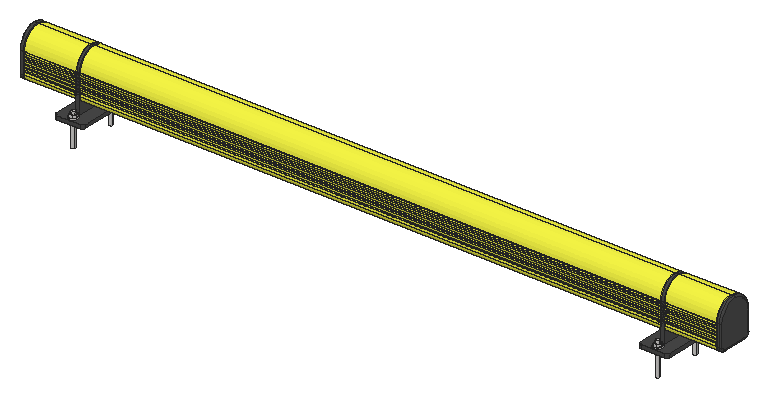
Revit family "Safety & Protection_Barrier_UltiGroup_Guard Rail-GRIN 150", category Generic Models, Revit 2016
Family settings
  Part Type = Normal
  Can host rebar = No
  Round Connector Dimension = Use Diameter
  OmniClass Number = 23.40.70.17
  OmniClass Title = Industrial and Manufacturing Equipment and Furnishings
  Work Plane-Based = No
  Always vertical = Yes
  Cut with Voids When Loaded = No
  Shared = No
  Room Calculation Point = No
Parameters (values of type "Type 1")
  URL = "www.ultigroup.co.nz"
  Toll Free Phone = "0800 807 753"
  Support 2 = yes
  Support 1 = yes
  StyleOrType_ANZRS = ""
  Send Message = "http://ultigroup.co.nz/contact-ulti-group/"
  Section Length = 1988 mm
  SS Bolts = SS Bolts
  Phone = "07 974 4691"
  PVC Yellow = PVC Yellow
  PVC Black = PVC Black
  ModifiedIssue_ANZRS = 0
  Model = "Wall Protection Barrier - GRIN 150"
  Metal Black = Metal Black
  Manufacturer = "UltiGroup"
  InstallationGroup_ANZRS = 0
  FireRating_ANZRS = ""
  FilterObject_ANZRS = ""
  Fax = "07 846 2467"
  Extension End 2 = yes
  Extension End 1 = yes
  End Extension - 15mm end cap = 185 mm
  Description = "Impactable PVC Wall Protection Barrier"
  CreatedBy_ANZRS = "UltiGroup"
  CreatedByURL_ANZRS = "www.ultigroup.co.nz"
  CreatedByPhoneNo_ANZRS = "07 974 4691"
  Bolt hole depth = 80 mm
  Base Plate Thickness = 12 mm
  Address = "17 McKee Street, Te Rapa, Hamilton, 3200, New Zealand"
  AcousticRating_ANZRS = ""
Reference planes
  plane 1 "Center (Front/Back)": y = 0
  plane 2: z = 0
  plane 3 "Center (Left/Right)": x = 0
  plane 4: x = 2000
  plane 5: z = 199.968
  plane 6: z = 49.968
  plane 7: x = 6
  plane 8: x = 1994
  plane 9: y = 60
  plane 10: y = -60
  plane 11: z = 12
  plane 12: x = 50
  plane 13: x = -50
  plane 14: x = 1950
  plane 15: x = 2050
  plane 16: y = 100
  plane 17: y = -100
  plane 18: x = -200
  plane 19: x = 2200
  plane 20: x = -185
  plane 21: x = 2185
  plane 22: z = -80
Forms (mm)
  Extrusion 1, solid, material "PVC Yellow" <- "PVC Yellow"
    sketch origin (1994, 2000, 1200) x (0, 1, 0) y (0, 0, 1)
      loop
        arc (-2060, -1133.032) -> (-2055.021, -1145.053) -> (-2043, -1150.032) r 17
        line (-2043, -1150.032) -> (-1957, -1150.032)
        arc (-1957, -1150.032) -> (-1944.979, -1145.053) -> (-1940, -1133.032) r 17
        line (-1940, -1133.032) -> (-1940, -1123.113)
        arc (-1940, -1123.113) -> (-1940.087, -1122.593) -> (-1940.292, -1122.092) r 2.362
        arc (-1940.292, -1122.092) -> (-1940.839, -1119.667) -> (-1940.149, -1117.278) r 5
        arc (-1940.149, -1117.278) -> (-1939.173, -1114.56) -> (-1939.864, -1111.755) r 5
        arc (-1939.864, -1111.755) -> (-1940.834, -1109.045) -> (-1940.149, -1106.249) r 5
        arc (-1940.149, -1106.249) -> (-1939.173, -1103.53) -> (-1939.864, -1100.725) r 5
        arc (-1939.864, -1100.725) -> (-1940.834, -1098.015) -> (-1940.149, -1095.219) r 5
        arc (-1940.149, -1095.219) -> (-1939.173, -1092.501) -> (-1939.864, -1089.696) r 5
        arc (-1939.864, -1089.696) -> (-1940.834, -1086.986) -> (-1940.149, -1084.19) r 5
        arc (-1940.149, -1084.19) -> (-1939.173, -1081.47) -> (-1939.864, -1078.665) r 5
        arc (-1939.864, -1078.665) -> (-1940.836, -1075.954) -> (-1940.15, -1073.157) r 5
        arc (-1940.15, -1073.157) -> (-1939.173, -1070.437) -> (-1939.864, -1067.631) r 5
        arc (-1939.864, -1067.631) -> (-1940.817, -1065.161) -> (-1940.375, -1062.551) r 5
        arc (-1940.375, -1062.551) -> (-1940.132, -1061.751) -> (-1940, -1060.925) r 6.16
        line (-1940, -1060.925) -> (-1940, -1060.032)
        arc (-1940, -1060.032) -> (-1957.574, -1017.606) -> (-2000, -1000.032) r 60
        arc (-2000, -1000.032) -> (-2042.426, -1017.606) -> (-2060, -1060.032) r 60
        line (-2060, -1060.032) -> (-2060, -1060.925)
        arc (-2060, -1060.925) -> (-2059.868, -1061.751) -> (-2059.625, -1062.551) r 6.16
        arc (-2059.625, -1062.551) -> (-2059.183, -1065.161) -> (-2060.136, -1067.631) r 5
        arc (-2060.136, -1067.631) -> (-2060.827, -1070.437) -> (-2059.85, -1073.157) r 5
        arc (-2059.85, -1073.157) -> (-2059.164, -1075.954) -> (-2060.136, -1078.665) r 5
        arc (-2060.136, -1078.665) -> (-2060.827, -1081.47) -> (-2059.851, -1084.19) r 5
        arc (-2059.851, -1084.19) -> (-2059.166, -1086.986) -> (-2060.136, -1089.696) r 5
        arc (-2060.136, -1089.696) -> (-2060.827, -1092.501) -> (-2059.851, -1095.219) r 5
        arc (-2059.851, -1095.219) -> (-2059.166, -1098.015) -> (-2060.136, -1100.725) r 5
        arc (-2060.136, -1100.725) -> (-2060.827, -1103.53) -> (-2059.851, -1106.249) r 5
        arc (-2059.851, -1106.249) -> (-2059.166, -1109.045) -> (-2060.136, -1111.755) r 5
        arc (-2060.136, -1111.755) -> (-2060.827, -1114.56) -> (-2059.851, -1117.278) r 5
        arc (-2059.851, -1117.278) -> (-2059.161, -1119.667) -> (-2059.713, -1122.106) r 5
        arc (-2059.713, -1122.106) -> (-2059.913, -1122.593) -> (-2060, -1123.113) r 2.362
        line (-2060, -1123.113) -> (-2060, -1133.032)
      loop
        line (-2031, -1133.032) -> (-1969, -1133.032)
        arc (-1969, -1133.032) -> (-1960.515, -1129.517) -> (-1957, -1121.032) r 12
        line (-1957, -1121.032) -> (-1957, -1060.032)
        arc (-1957, -1060.032) -> (-1969.594, -1029.627) -> (-2000, -1017.032) r 43
        arc (-2000, -1017.032) -> (-2030.406, -1029.627) -> (-2043, -1060.032) r 43
        line (-2043, -1060.032) -> (-2043, -1121.032)
        arc (-2043, -1121.032) -> (-2039.485, -1129.517) -> (-2031, -1133.032) r 12
    from 0 to -1988
  Extrusion 2, solid, material "Metal Black", visible <- "Support 2"
    sketch origin (2000, 2000, 1200) x (0, 1, 0) y (0, 0, 1)
      loop
        line (-2043, -1060.032) -> (-2043, -1121.032)
        arc (-2043, -1121.032) -> (-2039.485, -1129.517) -> (-2031, -1133.032) r 12
        line (-2031, -1133.032) -> (-1969, -1133.032)
        arc (-1969, -1133.032) -> (-1960.515, -1129.517) -> (-1957, -1121.032) r 12
        line (-1957, -1121.032) -> (-1957, -1060.032)
        arc (-1957, -1060.032) -> (-1969.594, -1029.627) -> (-2000, -1017.032) r 43
        arc (-2000, -1017.032) -> (-2030.406, -1029.627) -> (-2043, -1060.032) r 43
      loop
        arc (-2000, -1000.032) -> (-2042.426, -1017.606) -> (-2060, -1060.032) r 60
        line (-2060, -1060.032) -> (-2060, -1060.925)
        arc (-2060, -1060.925) -> (-2059.868, -1061.751) -> (-2059.625, -1062.551) r 6.16
        arc (-2059.625, -1062.551) -> (-2059.183, -1065.161) -> (-2060.136, -1067.631) r 5
        arc (-2060.136, -1067.631) -> (-2060.827, -1070.437) -> (-2059.85, -1073.157) r 5
        arc (-2059.85, -1073.157) -> (-2059.164, -1075.954) -> (-2060.135, -1078.665) r 5
        arc (-2060.135, -1078.665) -> (-2060.827, -1081.47) -> (-2059.851, -1084.19) r 5
        arc (-2059.851, -1084.19) -> (-2059.166, -1086.986) -> (-2060.136, -1089.696) r 5
        arc (-2060.136, -1089.696) -> (-2060.827, -1092.501) -> (-2059.85, -1095.219) r 5
        arc (-2059.85, -1095.219) -> (-2059.166, -1098.015) -> (-2060.136, -1100.725) r 5
        arc (-2060.136, -1100.725) -> (-2060.826, -1103.53) -> (-2059.85, -1106.249) r 5
        arc (-2059.85, -1106.249) -> (-2059.166, -1109.045) -> (-2060.136, -1111.755) r 5
        arc (-2060.136, -1111.755) -> (-2060.826, -1114.56) -> (-2059.85, -1117.278) r 5
        arc (-2059.85, -1117.278) -> (-2059.16, -1119.675) -> (-2059.714, -1122.106) r 5.001
        arc (-2059.714, -1122.106) -> (-2059.913, -1122.593) -> (-2060, -1123.113) r 2.362
        line (-2060, -1123.113) -> (-2060, -1188) -> (-1939.999, -1188) -> (-1939.999, -1123.113)
        arc (-1939.999, -1123.113) -> (-1940.088, -1122.586) -> (-1940.293, -1122.093) r 2.362
        arc (-1940.293, -1122.093) -> (-1940.84, -1119.667) -> (-1940.15, -1117.278) r 5.001
        arc (-1940.15, -1117.278) -> (-1939.174, -1114.56) -> (-1939.864, -1111.755) r 5
        arc (-1939.864, -1111.755) -> (-1940.835, -1109.045) -> (-1940.15, -1106.249) r 5
        arc (-1940.15, -1106.249) -> (-1939.174, -1103.53) -> (-1939.864, -1100.725) r 5
        arc (-1939.864, -1100.725) -> (-1940.834, -1098.015) -> (-1940.15, -1095.219) r 5
        arc (-1940.15, -1095.219) -> (-1939.173, -1092.501) -> (-1939.864, -1089.696) r 5
        arc (-1939.864, -1089.696) -> (-1940.834, -1086.986) -> (-1940.149, -1084.19) r 5
        arc (-1940.149, -1084.19) -> (-1939.173, -1081.47) -> (-1939.865, -1078.665) r 5
        arc (-1939.865, -1078.665) -> (-1940.836, -1075.954) -> (-1940.15, -1073.157) r 5
        arc (-1940.15, -1073.157) -> (-1939.173, -1070.437) -> (-1939.864, -1067.631) r 5
        arc (-1939.864, -1067.631) -> (-1940.817, -1065.161) -> (-1940.376, -1062.551) r 5
        arc (-1940.376, -1062.551) -> (-1940.132, -1061.751) -> (-1940, -1060.925) r 6.16
        line (-1940, -1060.925) -> (-1940, -1060.032)
        arc (-1940, -1060.032) -> (-1957.574, -1017.606) -> (-2000, -1000.032) r 60
    from -6 to 6
  Extrusion 3, solid, material "Metal Black" <- "Metal Black", visible <- "Support 1"
    sketch origin (0, 0, 0) x (0, 1, 0) y (0, 0, 1)
      loop
        arc (31, 66.968) -> (39.485, 70.483) -> (43, 78.968) r 12
        line (43, 78.968) -> (43, 139.968)
        arc (43, 139.968) -> (30.406, 170.373) -> (0, 182.968) r 43
        arc (0, 182.968) -> (-30.406, 170.373) -> (-43, 139.968) r 43
        line (-43, 139.968) -> (-43, 78.968)
        arc (-43, 78.968) -> (-39.485, 70.483) -> (-31, 66.968) r 12
        line (-31, 66.968) -> (31, 66.968)
      loop
        arc (60, 139.968) -> (42.426, 182.394) -> (0, 199.968) r 60
        arc (0, 199.968) -> (-42.426, 182.394) -> (-60, 139.968) r 60
        line (-60, 139.968) -> (-60, 139.075)
        arc (-60, 139.075) -> (-59.868, 138.249) -> (-59.625, 137.449) r 6.16
        arc (-59.625, 137.449) -> (-59.183, 134.839) -> (-60.136, 132.369) r 5
        arc (-60.136, 132.369) -> (-60.827, 129.563) -> (-59.85, 126.843) r 5
        arc (-59.85, 126.843) -> (-59.164, 124.046) -> (-60.135, 121.335) r 5
        arc (-60.135, 121.335) -> (-60.827, 118.53) -> (-59.851, 115.81) r 5
        arc (-59.851, 115.81) -> (-59.166, 113.014) -> (-60.136, 110.304) r 5
        arc (-60.136, 110.304) -> (-60.827, 107.499) -> (-59.85, 104.781) r 5
        arc (-59.85, 104.781) -> (-59.166, 101.985) -> (-60.136, 99.275) r 5
        arc (-60.136, 99.275) -> (-60.826, 96.47) -> (-59.85, 93.751) r 5
        arc (-59.85, 93.751) -> (-59.166, 90.955) -> (-60.136, 88.245) r 5
        arc (-60.136, 88.245) -> (-60.826, 85.44) -> (-59.85, 82.722) r 5
        arc (-59.85, 82.722) -> (-59.16, 80.325) -> (-59.714, 77.894) r 5.001
        arc (-59.714, 77.894) -> (-59.913, 77.407) -> (-60, 76.887) r 2.362
        line (-60, 76.887) -> (-60, 12) -> (60.001, 12) -> (60.001, 76.887)
        arc (60.001, 76.887) -> (59.912, 77.414) -> (59.707, 77.907) r 2.362
        arc (59.707, 77.907) -> (59.16, 80.333) -> (59.85, 82.722) r 5.001
        arc (59.85, 82.722) -> (60.826, 85.44) -> (60.136, 88.245) r 5
        arc (60.136, 88.245) -> (59.165, 90.955) -> (59.85, 93.751) r 5
        arc (59.85, 93.751) -> (60.826, 96.47) -> (60.136, 99.275) r 5
        arc (60.136, 99.275) -> (59.166, 101.985) -> (59.85, 104.781) r 5
        arc (59.85, 104.781) -> (60.827, 107.499) -> (60.136, 110.304) r 5
        arc (60.136, 110.304) -> (59.166, 113.014) -> (59.851, 115.81) r 5
        arc (59.851, 115.81) -> (60.827, 118.53) -> (60.135, 121.335) r 5
        arc (60.135, 121.335) -> (59.164, 124.046) -> (59.85, 126.843) r 5
        arc (59.85, 126.843) -> (60.827, 129.563) -> (60.136, 132.369) r 5
        arc (60.136, 132.369) -> (59.183, 134.839) -> (59.624, 137.449) r 5
        arc (59.624, 137.449) -> (59.868, 138.249) -> (60, 139.075) r 6.16
        line (60, 139.075) -> (60, 139.968)
    from -6 to 6
  Extrusion 4, void
    sketch origin (-3949.211, -1524, 199.968) x (0, -1, 0) y (-1, 0, 0)
      loop
        circle (-1524, -5949.211) r 4
    from -3 to 20
  Extrusion 5, void
    sketch origin (-3949.211, -1524, 199.968) x (0, -1, 0) y (-1, 0, 0)
      loop
        circle (-1524, -3949.211) r 4
    from -3 to 20
  Extrusion 6, solid, material "Metal Black" <- "Metal Black", visible <- "Support 1"
    sketch origin (0, 0, 0) x (1, 0, 0) y (0, 1, 0)
      loop
        line (-50, 90) -> (-50, -90)
        arc (-50, -90) -> (-47.071, -97.071) -> (-40, -100) r 10
        line (-40, -100) -> (40, -100)
        arc (40, -100) -> (47.071, -97.071) -> (50, -90) r 10
        line (50, -90) -> (50, 90)
        arc (50, 90) -> (47.071, 97.071) -> (40, 100) r 10
        line (40, 100) -> (-40, 100)
        arc (-40, 100) -> (-47.071, 97.071) -> (-50, 90) r 10
      loop
        circle (0, 80) r 6
      loop
        circle (0, -80) r 6
    from 0 to 12
  Extrusion 7, solid, material "Metal Black", visible <- "Support 2"
    sketch origin (0, 0, 0) x (1, 0, 0) y (0, 1, 0)
      loop
        line (2050, -90) -> (2050, 90)
        arc (2050, 90) -> (2047.071, 97.071) -> (2040, 100) r 10
        line (2040, 100) -> (1960, 100)
        arc (1960, 100) -> (1952.929, 97.071) -> (1950, 90) r 10
        line (1950, 90) -> (1950, -90)
        arc (1950, -90) -> (1952.929, -97.071) -> (1960, -100) r 10
        line (1960, -100) -> (2040, -100)
        arc (2040, -100) -> (2047.071, -97.071) -> (2050, -90) r 10
      loop
        circle (2000, -80) r 6
      loop
        circle (2000, 80) r 6
    from 0 to 12
  Extrusion 8, solid, material "PVC Yellow" <- "PVC Yellow", visible <- "Extension End 2"
    sketch origin (2000, 2000, 1200) x (0, 1, 0) y (0, 0, 1)
      loop
        line (-2043, -1150.032) -> (-1957, -1150.032)
        arc (-1957, -1150.032) -> (-1944.979, -1145.053) -> (-1940, -1133.032) r 17
        line (-1940, -1133.032) -> (-1940, -1123.102)
        arc (-1940, -1123.102) -> (-1940.09, -1122.581) -> (-1940.293, -1122.093) r 2.362
        arc (-1940.293, -1122.093) -> (-1940.84, -1119.667) -> (-1940.15, -1117.278) r 5.001
        arc (-1940.15, -1117.278) -> (-1939.174, -1114.56) -> (-1939.864, -1111.755) r 5
        arc (-1939.864, -1111.755) -> (-1940.835, -1109.045) -> (-1940.15, -1106.249) r 5
        arc (-1940.15, -1106.249) -> (-1939.174, -1103.53) -> (-1939.864, -1100.725) r 5
        arc (-1939.864, -1100.725) -> (-1940.834, -1098.015) -> (-1940.15, -1095.219) r 5
        arc (-1940.15, -1095.219) -> (-1939.173, -1092.501) -> (-1939.864, -1089.696) r 5
        arc (-1939.864, -1089.696) -> (-1940.834, -1086.986) -> (-1940.149, -1084.19) r 5
        arc (-1940.149, -1084.19) -> (-1939.173, -1081.47) -> (-1939.865, -1078.665) r 5
        arc (-1939.865, -1078.665) -> (-1940.836, -1075.954) -> (-1940.15, -1073.157) r 5
        arc (-1940.15, -1073.157) -> (-1939.173, -1070.437) -> (-1939.864, -1067.631) r 5
        arc (-1939.864, -1067.631) -> (-1940.817, -1065.161) -> (-1940.376, -1062.551) r 5
        arc (-1940.376, -1062.551) -> (-1940.132, -1061.751) -> (-1940, -1060.925) r 6.16
        line (-1940, -1060.925) -> (-1940, -1060.032)
        arc (-1940, -1060.032) -> (-1957.574, -1017.606) -> (-2000, -1000.032) r 60
        arc (-2000, -1000.032) -> (-2042.426, -1017.606) -> (-2060, -1060.032) r 60
        line (-2060, -1060.032) -> (-2060, -1060.925)
        arc (-2060, -1060.925) -> (-2059.868, -1061.751) -> (-2059.625, -1062.551) r 6.16
        arc (-2059.625, -1062.551) -> (-2059.183, -1065.161) -> (-2060.136, -1067.631) r 5
        arc (-2060.136, -1067.631) -> (-2060.827, -1070.437) -> (-2059.85, -1073.157) r 5
        arc (-2059.85, -1073.157) -> (-2059.164, -1075.954) -> (-2060.135, -1078.665) r 5
        arc (-2060.135, -1078.665) -> (-2060.827, -1081.47) -> (-2059.851, -1084.19) r 5
        arc (-2059.851, -1084.19) -> (-2059.166, -1086.986) -> (-2060.136, -1089.696) r 5
        arc (-2060.136, -1089.696) -> (-2060.827, -1092.501) -> (-2059.85, -1095.219) r 5
        arc (-2059.85, -1095.219) -> (-2059.166, -1098.015) -> (-2060.136, -1100.725) r 5
        arc (-2060.136, -1100.725) -> (-2060.826, -1103.53) -> (-2059.85, -1106.249) r 5
        arc (-2059.85, -1106.249) -> (-2059.166, -1109.045) -> (-2060.136, -1111.755) r 5
        arc (-2060.136, -1111.755) -> (-2060.826, -1114.56) -> (-2059.85, -1117.278) r 5
        arc (-2059.85, -1117.278) -> (-2059.16, -1119.675) -> (-2059.714, -1122.106) r 5.001
        arc (-2059.714, -1122.106) -> (-2059.912, -1122.589) -> (-2060, -1123.104) r 2.362
        line (-2060, -1123.104) -> (-2060, -1133.032)
        arc (-2060, -1133.032) -> (-2055.021, -1145.053) -> (-2043, -1150.032) r 17
      loop
        arc (-1969, -1133.032) -> (-1960.515, -1129.517) -> (-1957, -1121.032) r 12
        line (-1957, -1121.032) -> (-1957, -1060.032)
        arc (-1957, -1060.032) -> (-1969.594, -1029.627) -> (-2000, -1017.032) r 43
        arc (-2000, -1017.032) -> (-2030.406, -1029.627) -> (-2043, -1060.032) r 43
        line (-2043, -1060.032) -> (-2043, -1121.032)
        arc (-2043, -1121.032) -> (-2039.485, -1129.517) -> (-2031, -1133.032) r 12
        line (-2031, -1133.032) -> (-1969, -1133.032)
    from 6 to 185
  Extrusion 9, solid, material "PVC Yellow" <- "PVC Yellow", visible <- "Extension End 1"
    sketch origin (0, 0, 0) x (0, 1, 0) y (0, 0, 1)
      loop
        arc (43, 49.968) -> (55.021, 54.947) -> (60, 66.968) r 17
        line (60, 66.968) -> (60, 76.898)
        arc (60, 76.898) -> (59.91, 77.419) -> (59.707, 77.907) r 2.362
        arc (59.707, 77.907) -> (59.16, 80.333) -> (59.85, 82.722) r 5.001
        arc (59.85, 82.722) -> (60.826, 85.44) -> (60.136, 88.245) r 5
        arc (60.136, 88.245) -> (59.165, 90.955) -> (59.85, 93.751) r 5
        arc (59.85, 93.751) -> (60.826, 96.47) -> (60.136, 99.275) r 5
        arc (60.136, 99.275) -> (59.166, 101.985) -> (59.85, 104.781) r 5
        arc (59.85, 104.781) -> (60.827, 107.499) -> (60.136, 110.304) r 5
        arc (60.136, 110.304) -> (59.166, 113.014) -> (59.851, 115.81) r 5
        arc (59.851, 115.81) -> (60.827, 118.53) -> (60.135, 121.335) r 5
        arc (60.135, 121.335) -> (59.164, 124.046) -> (59.85, 126.843) r 5
        arc (59.85, 126.843) -> (60.827, 129.563) -> (60.136, 132.369) r 5
        arc (60.136, 132.369) -> (59.183, 134.839) -> (59.624, 137.449) r 5
        arc (59.624, 137.449) -> (59.868, 138.249) -> (60, 139.075) r 6.16
        line (60, 139.075) -> (60, 139.968)
        arc (60, 139.968) -> (42.426, 182.394) -> (0, 199.968) r 60
        arc (0, 199.968) -> (-42.426, 182.394) -> (-60, 139.968) r 60
        line (-60, 139.968) -> (-60, 139.075)
        arc (-60, 139.075) -> (-59.868, 138.249) -> (-59.625, 137.449) r 6.16
        arc (-59.625, 137.449) -> (-59.183, 134.839) -> (-60.136, 132.369) r 5
        arc (-60.136, 132.369) -> (-60.827, 129.563) -> (-59.85, 126.843) r 5
        arc (-59.85, 126.843) -> (-59.164, 124.046) -> (-60.135, 121.335) r 5
        arc (-60.135, 121.335) -> (-60.827, 118.53) -> (-59.851, 115.81) r 5
        arc (-59.851, 115.81) -> (-59.166, 113.014) -> (-60.136, 110.304) r 5
        arc (-60.136, 110.304) -> (-60.827, 107.499) -> (-59.85, 104.781) r 5
        arc (-59.85, 104.781) -> (-59.166, 101.985) -> (-60.136, 99.275) r 5
        arc (-60.136, 99.275) -> (-60.826, 96.47) -> (-59.85, 93.751) r 5
        arc (-59.85, 93.751) -> (-59.166, 90.955) -> (-60.136, 88.245) r 5
        arc (-60.136, 88.245) -> (-60.826, 85.44) -> (-59.85, 82.722) r 5
        arc (-59.85, 82.722) -> (-59.16, 80.325) -> (-59.714, 77.894) r 5.001
        arc (-59.714, 77.894) -> (-59.912, 77.411) -> (-60, 76.896) r 2.362
        line (-60, 76.896) -> (-60, 66.968)
        arc (-60, 66.968) -> (-55.021, 54.947) -> (-43, 49.968) r 17
        line (-43, 49.968) -> (43, 49.968)
      loop
        line (-43, 139.968) -> (-43, 78.968)
        arc (-43, 78.968) -> (-39.485, 70.483) -> (-31, 66.968) r 12
        line (-31, 66.968) -> (31, 66.968)
        arc (31, 66.968) -> (39.485, 70.483) -> (43, 78.968) r 12
        line (43, 78.968) -> (43, 139.968)
        arc (43, 139.968) -> (30.406, 170.373) -> (0, 182.968) r 43
        arc (0, 182.968) -> (-30.406, 170.373) -> (-43, 139.968) r 43
    from -185 to -6
  Sweep 10, solid, material "PVC Black" <- "PVC Black", visible <- "Extension End 1"
    path in 3D
      loop
        arc (-185, 60, 66.968) -> (-185, 55.021, 54.947) -> (-185, 43, 49.968) r 17
        line (-185, 43, 49.968) -> (-185, -43, 49.968)
        arc (-185, -43, 49.968) -> (-185, -55.021, 54.947) -> (-185, -60, 66.968) r 17
        line (-185, -60, 66.968) -> (-185, -60, 139.968)
        arc (-185, -60, 139.968) -> (-185, -42.426, 182.394) -> (-185, 0, 199.968) r 60
        arc (-185, 0, 199.968) -> (-185, 42.426, 182.394) -> (-185, 60, 139.968) r 60
        line (-185, 60, 139.968) -> (-185, 60, 66.968)
    profile origin (-185, 60, 103.468) x (-1, 0, 0) y (0, -1, 0)
      loop
        line (0, 5) -> (0, 0) -> (10, 0)
        arc (10, 0) -> (13.536, 1.464) -> (15, 5) r 5
        line (15, 5) -> (0, 5)
  Extrusion 11, solid, material "PVC Black" <- "PVC Black", visible <- "Extension End 1"
    sketch origin (-185, -1524, 1067.879) x (0, 0, 1) y (0, -1, 0)
      loop
        arc (-927.911, -1579) -> (-889.021, -1562.891) -> (-872.911, -1524) r 55
        arc (-872.911, -1524) -> (-889.021, -1485.109) -> (-927.911, -1469) r 55
        line (-927.911, -1469) -> (-1000.911, -1469)
        arc (-1000.911, -1469) -> (-1009.397, -1472.515) -> (-1012.911, -1481) r 12
        line (-1012.911, -1481) -> (-1012.911, -1567)
        arc (-1012.911, -1567) -> (-1009.397, -1575.485) -> (-1000.911, -1579) r 12
        line (-1000.911, -1579) -> (-927.911, -1579)
    from -15 to 0
  Sweep 12, solid, material "PVC Black" <- "PVC Black", visible <- "Extension End 2"
    path in 3D
      loop
        arc (2185, -60, 66.968) -> (2185, -55.021, 54.947) -> (2185, -43, 49.968) r 17
        line (2185, -43, 49.968) -> (2185, 43, 49.968)
        arc (2185, 43, 49.968) -> (2185, 55.021, 54.947) -> (2185, 60, 66.968) r 17
        line (2185, 60, 66.968) -> (2185, 60, 139.968)
        arc (2185, 60, 139.968) -> (2185, 42.426, 182.394) -> (2185, 0, 199.968) r 60
        arc (2185, 0, 199.968) -> (2185, -42.426, 182.394) -> (2185, -60, 139.968) r 60
        line (2185, -60, 139.968) -> (2185, -60, 66.968)
    profile origin (2185, -60, 103.468) x (1, 0, 0) y (0, 1, 0)
      loop
        arc (10, 0) -> (13.536, 1.464) -> (15, 5) r 5
        line (15, 5) -> (0, 5) -> (0, 0) -> (10, 0)
  Extrusion 13, solid, material "PVC Black" <- "PVC Black", visible <- "Extension End 2"
    sketch origin (2185, -1524, 1067.879) x (0, 0, 1) y (0, -1, 0)
      loop
        line (-1000.911, -1579) -> (-927.911, -1579)
        arc (-927.911, -1579) -> (-889.021, -1562.891) -> (-872.911, -1524) r 55
        arc (-872.911, -1524) -> (-889.021, -1485.109) -> (-927.911, -1469) r 55
        line (-927.911, -1469) -> (-1000.911, -1469)
        arc (-1000.911, -1469) -> (-1009.397, -1472.515) -> (-1012.911, -1481) r 12
        line (-1012.911, -1481) -> (-1012.911, -1567)
        arc (-1012.911, -1567) -> (-1009.397, -1575.485) -> (-1000.911, -1579) r 12
    from 0 to 15
  Extrusion 14, solid, material "SS Bolts" <- "SS Bolts", visible <- "Support 1"
    sketch origin (4267.2, -3619.493, 12) x (0, -1, 0) y (1, 0, 0)
      loop
        circle (-3699.493, -4267.2) r 6
      loop
        circle (-3539.493, -4267.2) r 6
    from -92 to 20
  Extrusion 15, solid, material "SS Bolts" <- "SS Bolts", visible <- "Support 1"
    sketch origin (4267.2, -3619.493, 12) x (0, -1, 0) y (1, 0, 0)
      loop
        circle (-3539.493, -4267.2) r 15
      loop
        circle (-3539.493, -4267.2) r 6
      loop
        circle (-3699.493, -4267.2) r 15
      loop
        circle (-3699.493, -4267.2) r 6
    from 0 to 2
  Extrusion 16, solid, material "SS Bolts" <- "SS Bolts", visible <- "Support 1"
    sketch origin (4267.2, -3619.493, 12) x (0, -1, 0) y (1, 0, 0)
      loop
        circle (-3699.493, -4267.2) r 6
      loop
        circle (-3539.493, -4267.2) r 6
      loop
        line (-3539.493, -4255.2) -> (-3549.885, -4261.2) -> (-3549.885, -4273.2) -> (-3539.493, -4279.2) -> (-3529.101, -4273.2) -> (-3529.101, -4261.2) -> (-3539.493, -4255.2)
      loop
        line (-3699.493, -4255.2) -> (-3709.885, -4261.2) -> (-3709.885, -4273.2) -> (-3699.493, -4279.2) -> (-3689.101, -4273.2) -> (-3689.101, -4261.2) -> (-3699.493, -4255.2)
    from 0 to 12
  Extrusion 17, solid, material "SS Bolts" <- "SS Bolts", visible <- "Support 2"
    sketch origin (4267.2, -3619.493, 12) x (0, -1, 0) y (1, 0, 0)
      loop
        circle (-3699.493, -2267.2) r 6
      loop
        circle (-3539.493, -2267.2) r 6
    from 20 to -92
  Extrusion 18, solid, material "SS Bolts" <- "SS Bolts", visible <- "Support 2"
    sketch origin (4267.2, -3619.493, 12) x (0, -1, 0) y (1, 0, 0)
      loop
        circle (-3539.493, -2267.2) r 15
      loop
        circle (-3539.493, -2267.2) r 6
      loop
        circle (-3699.493, -2267.2) r 15
      loop
        circle (-3699.493, -2267.2) r 6
    from 0 to 2
  Extrusion 19, solid, material "SS Bolts" <- "SS Bolts", visible <- "Support 2"
    sketch origin (4267.2, -3619.493, 12) x (0, -1, 0) y (1, 0, 0)
      loop
        line (-3699.493, -2255.2) -> (-3709.885, -2261.2) -> (-3709.885, -2273.2) -> (-3699.493, -2279.2) -> (-3689.101, -2273.2) -> (-3689.101, -2261.2) -> (-3699.493, -2255.2)
      loop
        circle (-3699.493, -2267.2) r 6
      loop
        line (-3539.493, -2255.2) -> (-3549.885, -2261.2) -> (-3549.885, -2273.2) -> (-3539.493, -2279.2) -> (-3529.101, -2273.2) -> (-3529.101, -2261.2) -> (-3539.493, -2255.2)
      loop
        circle (-3539.493, -2267.2) r 6
    from 0 to 12
Cuts and joins
  Extrusion 4 cuts Extrusion 2
  joined: Extrusion 2, Extrusion 7
  Extrusion 5 cuts Extrusion 3
  joined: Extrusion 3, Extrusion 6
  joined: Extrusion 15, Extrusion 16
  joined: Extrusion 18, Extrusion 19
Lines and regions (mm)
  sketch lines
    curve 1: line (-185, 60, 139.968) -> (-185, 60, 66.968)
    curve 2: arc (-185, 60, 139.968) -> (-185, 42.426, 182.394) -> (-185, 0, 199.968) r 60
    curve 3: arc (-185, 0, 199.968) -> (-185, -42.426, 182.394) -> (-185, -60, 139.968) r 60
    curve 4: line (-185, -60, 66.968) -> (-185, -60, 139.968)
    curve 5: arc (-185, -60, 66.968) -> (-185, -55.021, 54.947) -> (-185, -43, 49.968) r 17
    curve 6: line (-185, 43, 49.968) -> (-185, -43, 49.968)
    curve 7: arc (-185, 43, 49.968) -> (-185, 55.021, 54.947) -> (-185, 60, 66.968) r 17
    curve 8: line (2185, -60, 139.968) -> (2185, -60, 66.968)
    curve 9: arc (2185, -60, 139.968) -> (2185, -42.426, 182.394) -> (2185, 0, 199.968) r 60
    curve 10: arc (2185, 0, 199.968) -> (2185, 42.426, 182.394) -> (2185, 60, 139.968) r 60
    curve 11: line (2185, 60, 66.968) -> (2185, 60, 139.968)
    curve 12: arc (2185, 60, 66.968) -> (2185, 55.021, 54.947) -> (2185, 43, 49.968) r 17
    curve 13: line (2185, -43, 49.968) -> (2185, 43, 49.968)
    curve 14: arc (2185, -43, 49.968) -> (2185, -55.021, 54.947) -> (2185, -60, 66.968) r 17
Dimensions and locks
  locked: plane 5 to level at 200
  locked: plane 5 to plane 6 at 150
  locked: plane 3 "Center (Left/Right)" to plane 7 at 6
  locked: plane 8 to plane 4 at 6
  "Section Length": plane 7 to plane 8
  locked: plane 10 to plane 9 at 120
  equal spacing: plane 10, plane 1 "Center (Front/Back)", plane 9
  "Base Plate Thickness": plane 11 to level
  locked: plane 13 to plane 3 "Center (Left/Right)" at 50
  locked: plane 3 "Center (Left/Right)" to plane 12 at 50
  locked: plane 14 to plane 4 at 50
  locked: plane 4 to plane 15 at 50
  locked: plane 17 to plane 1 "Center (Front/Back)" at 100
  locked: plane 1 "Center (Front/Back)" to plane 16 at 100
  locked: plane 18 to plane 20 at 15
  "End Extension - 15mm end cap": plane 3 "Center (Left/Right)" to plane 20
  locked: plane 21 to plane 19 at 15
  "End Extension - 15mm end cap": plane 21 to plane 4
  "Bolt hole depth": level to plane 22
  aligned and locked: level to plane 2
  aligned and locked: Extrusion 1 sketch curve to plane 10
  aligned and locked: Extrusion 1 sketch curve to plane 6
  aligned and locked: Extrusion 1 sketch curve to plane 9
  aligned and locked: Extrusion 1 to plane 7
  aligned and locked: Extrusion 2 sketch curve to Extrusion 1  (x4)
  aligned and locked: Extrusion 2 sketch curve to plane 11
  aligned and locked: Extrusion 3 sketch curve to Extrusion 2  (x3)
  aligned and locked: plane 1 "Center (Front/Back)" to Extrusion 4 sketch curve
  aligned and locked: plane 4 to Extrusion 4 sketch curve
  aligned and locked: plane 1 "Center (Front/Back)" to Extrusion 5 sketch curve
  aligned and locked: plane 3 "Center (Left/Right)" to Extrusion 5 sketch curve
  aligned and locked: Extrusion 6 sketch curve to plane 13
  aligned and locked: Extrusion 6 sketch curve to plane 17
  aligned and locked: Extrusion 6 sketch curve to plane 12
  aligned and locked: plane 3 "Center (Left/Right)" to Extrusion 6 sketch curve  (x2)
  aligned and locked: plane 11 to Extrusion 6
  aligned and locked: Extrusion 7 sketch curve to plane 15
  aligned and locked: Extrusion 7 sketch curve to plane 14
  aligned and locked: Extrusion 7 sketch curve to plane 16
  aligned and locked: plane 4 to Extrusion 7 sketch curve  (x2)
  aligned and locked: plane 11 to Extrusion 7
  aligned and locked: Extrusion 8 sketch curve to plane 6
  aligned and locked: Extrusion 8 sketch curve to plane 9
  aligned and locked: Extrusion 8 sketch curve to plane 10
  aligned and locked: Extrusion 8 to plane 21
  aligned and locked: plane 6 to Extrusion 9 sketch curve
  aligned and locked: plane 9 to Extrusion 9 sketch curve
  aligned and locked: plane 10 to Extrusion 9 sketch curve
  aligned and locked: plane 20 to Extrusion 9
  aligned and locked: profile plane to Sweep 10 sketch curve  (x2)
  aligned and locked: Extrusion 11 sketch curve to Sweep 10  (x2)
  aligned and locked: plane 18 to Extrusion 11
  aligned and locked: profile plane to Sweep 12 sketch curve  (x2)
  aligned and locked: Extrusion 13 to plane 19
  aligned and locked: Extrusion 14 sketch curve to cut or joined group of Extrusion 3, Extrusion 5, Extrusion 6  (x4)
  aligned and locked: plane 22 to Extrusion 14
  aligned and locked: plane 3 "Center (Left/Right)" to Extrusion 15 sketch curve  (x2)
  aligned and locked: Extrusion 15 sketch curve to Extrusion 14  (x4)
  aligned and locked: Extrusion 16 sketch curve to Extrusion 14  (x3)
  aligned and locked: Extrusion 17 sketch curve to cut or joined group of Extrusion 2, Extrusion 4, Extrusion 7  (x4)
  aligned and locked: plane 4 to Extrusion 18 sketch curve  (x2)
  aligned and locked: Extrusion 18 sketch curve to Extrusion 17  (x4)
  aligned and locked: Extrusion 19 sketch curve to Extrusion 17  (x4)
  aligned and locked: plane 22 to Extrusion 17
Automatic sketch dimensions
  Extrusion 1 sketch curve to Extrusion 1 sketch curve = 0 mm  (x6)
  Extrusion 1 sketch curve to plane 10 = 0 mm
  Extrusion 1 sketch curve to plane 5 = 0 mm
  plane 10 to Extrusion 1 sketch curve = 4.158 mm  (x2)
  plane 10 to Extrusion 1 sketch curve = 4.159 mm  (x4)
  Extrusion 1 sketch curve to plane 10 = 2.358 mm
  Extrusion 1 sketch curve to plane 10 = 4.167 mm  (x5)
  Extrusion 1 sketch curve to plane 10 = 6.135 mm
  Extrusion 1 sketch curve to Extrusion 1 sketch curve = 12.833 mm
  Extrusion 1 sketch curve to Extrusion 1 sketch curve = 12 mm  (x2)
  plane 9 to Extrusion 1 sketch curve = 17 mm
  plane 9 to Extrusion 1 sketch curve = 6.135 mm
  plane 9 to Extrusion 1 sketch curve = 4.167 mm  (x5)
  Extrusion 1 sketch curve to plane 9 = 4.158 mm  (x2)
  Extrusion 1 sketch curve to plane 9 = 4.159 mm  (x4)
  Extrusion 1 sketch curve to Extrusion 1 sketch curve = 9.791 mm  (x2)
  Extrusion 1 sketch curve to Extrusion 1 sketch curve = 0.128 mm  (x2)
  Extrusion 1 sketch curve to Extrusion 1 sketch curve = 3.297 mm
  Extrusion 1 sketch curve to Extrusion 1 sketch curve = 3.426 mm
  Extrusion 1 sketch curve to Extrusion 1 sketch curve = 8.939 mm  (x2)
  Extrusion 1 sketch curve to Extrusion 1 sketch curve = 5.516 mm  (x8)
  Extrusion 1 sketch curve to Extrusion 1 sketch curve = 5.514 mm  (x6)
  Extrusion 1 sketch curve to Extrusion 1 sketch curve = 5.518 mm  (x2)
  Extrusion 1 sketch curve to Extrusion 1 sketch curve = 4.629 mm
  Extrusion 1 sketch curve to Extrusion 1 sketch curve = 0.893 mm
  Extrusion 1 sketch curve to Extrusion 1 sketch curve = 0.333 mm  (x2)
  plane 10 to Extrusion 1 sketch curve = 0.136 mm  (x5)
  Extrusion 1 sketch curve to plane 10 = 0.149 mm  (x4)
  Extrusion 1 sketch curve to plane 10 = 0.15 mm
  Extrusion 1 sketch curve to plane 10 = 0.287 mm
  Extrusion 1 sketch curve to Extrusion 1 sketch curve = 0.005 mm  (x2)
  Extrusion 1 sketch curve to plane 10 = 0.375 mm
  plane 9 to Extrusion 1 sketch curve = 0.375 mm
  plane 9 to Extrusion 1 sketch curve = 0.292 mm
  plane 9 to Extrusion 1 sketch curve = 0.15 mm
  plane 9 to Extrusion 1 sketch curve = 0.149 mm  (x4)
  Extrusion 1 sketch curve to plane 9 = 0.136 mm  (x5)
  Extrusion 1 sketch curve to Extrusion 1 sketch curve = 1.021 mm
  Extrusion 1 sketch curve to Extrusion 1 sketch curve = 1.007 mm
  Extrusion 1 sketch curve to plane 1 "Center (Front/Back)" = 0 mm
  Extrusion 1 sketch curve to Extrusion 1 sketch curve = 2.97 mm
  Extrusion 2 sketch curve to Extrusion 2 sketch curve = 0 mm  (x3)
  plane 10 to Extrusion 2 sketch curve = 0 mm
  Extrusion 2 sketch curve to plane 10 = 0 mm
  Extrusion 2 sketch curve to plane 9 = 0.001 mm
  plane 10 to Extrusion 2 sketch curve = 4.158 mm  (x2)
  plane 10 to Extrusion 2 sketch curve = 4.159 mm  (x3)
  Extrusion 2 sketch curve to plane 10 = 2.358 mm
  Extrusion 2 sketch curve to plane 10 = 4.167 mm  (x5)
  Extrusion 2 sketch curve to plane 10 = 6.135 mm
  plane 9 to Extrusion 2 sketch curve = 6.135 mm
  plane 9 to Extrusion 2 sketch curve = 4.167 mm  (x5)
  plane 9 to Extrusion 2 sketch curve = 2.358 mm
  Extrusion 2 sketch curve to plane 9 = 4.158 mm  (x2)
  Extrusion 2 sketch curve to plane 9 = 4.159 mm  (x3)
  Extrusion 2 sketch curve to Extrusion 2 sketch curve = 64.759 mm  (x2)
  Extrusion 2 sketch curve to Extrusion 2 sketch curve = 0.128 mm  (x2)
  Extrusion 2 sketch curve to Extrusion 2 sketch curve = 3.297 mm  (x2)
  Extrusion 2 sketch curve to Extrusion 2 sketch curve = 8.939 mm  (x2)
  Extrusion 2 sketch curve to Extrusion 2 sketch curve = 5.515 mm  (x2)
  Extrusion 2 sketch curve to Extrusion 2 sketch curve = 5.514 mm  (x6)
  Extrusion 2 sketch curve to Extrusion 2 sketch curve = 5.516 mm  (x6)
  Extrusion 2 sketch curve to Extrusion 2 sketch curve = 5.518 mm  (x2)
  Extrusion 2 sketch curve to Extrusion 2 sketch curve = 4.629 mm  (x2)
  Extrusion 2 sketch curve to Extrusion 2 sketch curve = 0.893 mm  (x2)
  Extrusion 2 sketch curve to Extrusion 2 sketch curve = 0.333 mm  (x2)
  plane 10 to Extrusion 2 sketch curve = 0.136 mm  (x4)
  plane 10 to Extrusion 2 sketch curve = 0.135 mm
  Extrusion 2 sketch curve to plane 10 = 0.149 mm
  Extrusion 2 sketch curve to plane 10 = 0.15 mm  (x4)
  Extrusion 2 sketch curve to plane 10 = 0.286 mm
  plane 9 to Extrusion 2 sketch curve = 0.376 mm
  plane 9 to Extrusion 2 sketch curve = 0.293 mm
  plane 9 to Extrusion 2 sketch curve = 0.15 mm  (x4)
  plane 9 to Extrusion 2 sketch curve = 0.149 mm
  Extrusion 2 sketch curve to plane 9 = 0.136 mm  (x3)
  Extrusion 2 sketch curve to plane 9 = 0.135 mm
  Extrusion 2 sketch curve to Extrusion 2 sketch curve = 4.158 mm  (x2)
  Extrusion 3 sketch curve to Extrusion 3 sketch curve = 0 mm  (x4)
  Extrusion 3 sketch curve to plane 5 = 60 mm
  Extrusion 3 sketch curve to plane 11 = 0 mm
  Extrusion 3 sketch curve to plane 10 = 6.135 mm
  Extrusion 3 sketch curve to plane 10 = 4.167 mm  (x5)
  Extrusion 3 sketch curve to plane 10 = 2.358 mm
  Extrusion 3 sketch curve to plane 10 = 0 mm
  plane 10 to Extrusion 3 sketch curve = 0 mm
  plane 10 to Extrusion 3 sketch curve = 4.158 mm  (x2)
  plane 10 to Extrusion 3 sketch curve = 4.159 mm  (x4)
  plane 1 "Center (Front/Back)" to Extrusion 3 sketch curve = 0 mm
  plane 9 to Extrusion 3 sketch curve = 6.135 mm
  plane 9 to Extrusion 3 sketch curve = 4.167 mm  (x5)
  plane 9 to Extrusion 3 sketch curve = 2.358 mm
  Extrusion 3 sketch curve to plane 9 = 0.001 mm
  Extrusion 3 sketch curve to plane 9 = 4.158 mm  (x2)
  Extrusion 3 sketch curve to plane 9 = 4.159 mm  (x4)
  Extrusion 3 sketch curve to Extrusion 3 sketch curve = 2.208 mm  (x2)
  Extrusion 3 sketch curve to Extrusion 3 sketch curve = 0.128 mm  (x2)
  Extrusion 3 sketch curve to Extrusion 3 sketch curve = 3.297 mm  (x2)
  Extrusion 3 sketch curve to Extrusion 3 sketch curve = 8.939 mm  (x2)
  Extrusion 3 sketch curve to Extrusion 3 sketch curve = 5.515 mm  (x2)
  Extrusion 3 sketch curve to Extrusion 3 sketch curve = 5.514 mm  (x6)
  Extrusion 3 sketch curve to Extrusion 3 sketch curve = 5.516 mm  (x6)
  Extrusion 3 sketch curve to Extrusion 3 sketch curve = 5.518 mm  (x4)
  Extrusion 3 sketch curve to Extrusion 3 sketch curve = 3.736 mm  (x2)
  Extrusion 3 sketch curve to Extrusion 3 sketch curve = 0.56 mm  (x2)
  Extrusion 3 sketch curve to plane 10 = 0.375 mm
  Extrusion 3 sketch curve to plane 10 = 0.286 mm
  Extrusion 3 sketch curve to plane 10 = 0.15 mm  (x4)
  Extrusion 3 sketch curve to plane 10 = 0.149 mm
  plane 10 to Extrusion 3 sketch curve = 0.135 mm
  plane 10 to Extrusion 3 sketch curve = 0.136 mm  (x3)
  plane 9 to Extrusion 3 sketch curve = 0.376 mm
  plane 9 to Extrusion 3 sketch curve = 0.293 mm
  plane 9 to Extrusion 3 sketch curve = 0.15 mm  (x4)
  plane 9 to Extrusion 3 sketch curve = 0.149 mm
  Extrusion 3 sketch curve to plane 9 = 0.135 mm
  Extrusion 3 sketch curve to plane 9 = 0.136 mm  (x3)
  Extrusion 6 sketch curve to plane 16 = 0 mm
  plane 13 to Extrusion 6 sketch curve = 10 mm  (x2)
  Extrusion 6 sketch curve to plane 12 = 10 mm  (x2)
  plane 10 to Extrusion 6 sketch curve = 20 mm
  Extrusion 6 sketch curve to plane 9 = 20 mm
  Extrusion 7 sketch curve to plane 17 = 0 mm
  Extrusion 7 sketch curve to plane 14 = 10 mm  (x2)
  plane 15 to Extrusion 7 sketch curve = 10 mm  (x2)
  plane 10 to Extrusion 7 sketch curve = 20 mm
  Extrusion 7 sketch curve to plane 9 = 20 mm
  Extrusion 8 sketch curve to plane 5 = 60 mm  (x2)
  Extrusion 8 sketch curve to Extrusion 8 sketch curve = 0 mm  (x4)
  plane 1 "Center (Front/Back)" to Extrusion 8 sketch curve = 0 mm
  Extrusion 8 sketch curve to plane 10 = 0 mm  (x2)
  plane 6 to Extrusion 8 sketch curve = 17 mm  (x2)
  plane 10 to Extrusion 8 sketch curve = 4.158 mm  (x2)
  Extrusion 8 sketch curve to plane 10 = 6.135 mm
  Extrusion 8 sketch curve to Extrusion 8 sketch curve = 4.629 mm  (x2)
  Extrusion 8 sketch curve to Extrusion 8 sketch curve = 0.333 mm  (x3)
  plane 10 to Extrusion 8 sketch curve = 0.136 mm  (x4)
  Extrusion 8 sketch curve to plane 10 = 0.375 mm
  Extrusion 8 sketch curve to Extrusion 8 sketch curve = 2.97 mm  (x2)
  Extrusion 8 sketch curve to plane 10 = 4.167 mm  (x5)
  Extrusion 8 sketch curve to Extrusion 8 sketch curve = 2.548 mm  (x4)
  Extrusion 8 sketch curve to plane 10 = 0.15 mm  (x4)
  Extrusion 8 sketch curve to Extrusion 8 sketch curve = 2.538 mm  (x3)
  plane 10 to Extrusion 8 sketch curve = 0.135 mm
  Extrusion 8 sketch curve to plane 10 = 0.149 mm
  plane 10 to Extrusion 8 sketch curve = 4.159 mm  (x4)
  Extrusion 8 sketch curve to Extrusion 8 sketch curve = 2.537 mm  (x7)
  Extrusion 8 sketch curve to Extrusion 8 sketch curve = 2.547 mm  (x4)
  Extrusion 8 sketch curve to Extrusion 8 sketch curve = 2.546 mm  (x2)
  Extrusion 8 sketch curve to plane 10 = 0.286 mm
  Extrusion 8 sketch curve to plane 10 = 2.358 mm
  Extrusion 8 sketch curve to Extrusion 8 sketch curve = 1.135 mm
  plane 9 to Extrusion 8 sketch curve = 6.135 mm
  Extrusion 8 sketch curve to plane 9 = 4.158 mm  (x2)
  plane 9 to Extrusion 8 sketch curve = 0.376 mm
  Extrusion 8 sketch curve to plane 9 = 0.136 mm  (x4)
  plane 9 to Extrusion 8 sketch curve = 4.167 mm  (x5)
  plane 9 to Extrusion 8 sketch curve = 0.15 mm  (x4)
  Extrusion 8 sketch curve to plane 9 = 0.135 mm
  plane 9 to Extrusion 8 sketch curve = 0.149 mm
  Extrusion 8 sketch curve to plane 9 = 4.159 mm  (x4)
  plane 9 to Extrusion 8 sketch curve = 0.293 mm
  plane 9 to Extrusion 8 sketch curve = 2.358 mm
  Extrusion 8 sketch curve to Extrusion 8 sketch curve = 1.148 mm
  Extrusion 8 sketch curve to plane 9 = 0 mm
  Extrusion 8 sketch curve to Extrusion 8 sketch curve = 12 mm  (x3)
  Extrusion 8 sketch curve to plane 1 "Center (Front/Back)" = 0 mm
  Extrusion 9 sketch curve to Extrusion 9 sketch curve = 0 mm  (x5)
  plane 1 "Center (Front/Back)" to Extrusion 9 sketch curve = 0 mm
  Extrusion 9 sketch curve to plane 5 = 60 mm
  Extrusion 9 sketch curve to plane 10 = 0 mm  (x2)
  Extrusion 9 sketch curve to plane 1 "Center (Front/Back)" = 0 mm
  plane 9 to Extrusion 9 sketch curve = 29 mm
  Extrusion 9 sketch curve to Extrusion 9 sketch curve = 17 mm
  plane 6 to Extrusion 9 sketch curve = 29 mm
  Extrusion 9 sketch curve to Extrusion 9 sketch curve = 12 mm  (x2)
  plane 9 to Extrusion 9 sketch curve = 6.135 mm
  Extrusion 9 sketch curve to plane 9 = 4.158 mm  (x2)
  Extrusion 9 sketch curve to Extrusion 9 sketch curve = 4.629 mm  (x2)
  Extrusion 9 sketch curve to Extrusion 9 sketch curve = 0.333 mm  (x2)
  plane 9 to Extrusion 9 sketch curve = 0.376 mm
  Extrusion 9 sketch curve to plane 9 = 0.136 mm  (x4)
  Extrusion 9 sketch curve to Extrusion 9 sketch curve = 2.97 mm  (x2)
  plane 9 to Extrusion 9 sketch curve = 4.167 mm  (x5)
  Extrusion 9 sketch curve to Extrusion 9 sketch curve = 2.548 mm  (x4)
  plane 9 to Extrusion 9 sketch curve = 0.15 mm  (x4)
  Extrusion 9 sketch curve to Extrusion 9 sketch curve = 2.538 mm  (x3)
  Extrusion 9 sketch curve to plane 9 = 0.135 mm
  plane 9 to Extrusion 9 sketch curve = 0.149 mm
  Extrusion 9 sketch curve to plane 9 = 4.159 mm  (x4)
  Extrusion 9 sketch curve to Extrusion 9 sketch curve = 2.537 mm  (x6)
  Extrusion 9 sketch curve to Extrusion 9 sketch curve = 2.547 mm  (x4)
  Extrusion 9 sketch curve to Extrusion 9 sketch curve = 2.546 mm  (x2)
  plane 9 to Extrusion 9 sketch curve = 0.293 mm
  Extrusion 9 sketch curve to Extrusion 9 sketch curve = 1.148 mm
  Extrusion 9 sketch curve to plane 9 = 0 mm
  Extrusion 9 sketch curve to Extrusion 9 sketch curve = 1.009 mm
  plane 10 to Extrusion 9 sketch curve = 4.158 mm  (x2)
  Extrusion 9 sketch curve to plane 10 = 6.135 mm
  plane 10 to Extrusion 9 sketch curve = 0.136 mm  (x4)
  Extrusion 9 sketch curve to plane 10 = 0.375 mm
  Extrusion 9 sketch curve to plane 10 = 4.167 mm  (x5)
  Extrusion 9 sketch curve to plane 10 = 0.15 mm  (x4)
  plane 10 to Extrusion 9 sketch curve = 0.135 mm
  Extrusion 9 sketch curve to plane 10 = 0.149 mm
  plane 10 to Extrusion 9 sketch curve = 4.159 mm  (x4)
  Extrusion 9 sketch curve to Extrusion 9 sketch curve = 36.831 mm
  Extrusion 9 sketch curve to plane 10 = 0.286 mm
  Extrusion 9 sketch curve to plane 10 = 2.358 mm
  Extrusion 9 sketch curve to Extrusion 9 sketch curve = 1.135 mm
  Extrusion 9 sketch curve to Extrusion 9 sketch curve = 9.792 mm
  Sweep 10 sketch curve to Sweep 10 sketch curve = 10 mm
  Sweep 10 sketch curve to Sweep 10 sketch curve = 5 mm
  Extrusion 11 sketch curve to plane 5 = 60 mm  (x2)
  Extrusion 11 sketch curve to plane 10 = 17 mm
  Extrusion 11 sketch curve to Extrusion 11 sketch curve = 12 mm
  Extrusion 11 sketch curve to Extrusion 11 sketch curve = 0 mm  (x3)
  plane 1 "Center (Front/Back)" to Extrusion 11 sketch curve = 0 mm
  Extrusion 11 sketch curve to plane 5 = 5 mm
  Sweep 12 sketch curve to Sweep 12 sketch curve = 10 mm
  Sweep 12 sketch curve to Sweep 12 sketch curve = 5 mm  (x2)
  Sweep 12 sketch curve to profile plane = 5 mm
  Extrusion 13 sketch curve to Extrusion 13 sketch curve = 0 mm  (x2)
  plane 6 to Extrusion 13 sketch curve = 5 mm
  Extrusion 13 sketch curve to Extrusion 13 sketch curve = 12 mm  (x2)
  plane 9 to Extrusion 13 sketch curve = 5 mm
  Extrusion 13 sketch curve to plane 5 = 60 mm
  plane 1 "Center (Front/Back)" to Extrusion 13 sketch curve = 0 mm
  Extrusion 15 sketch curve to Extrusion 15 sketch curve = 0 mm
  Extrusion 15 sketch curve to plane 9 = 20 mm
  Extrusion 16 sketch curve to plane 7 = 0 mm  (x4)
  plane 10 to Extrusion 16 sketch curve = 9.608 mm
  plane 7 to Extrusion 16 sketch curve = 6 mm  (x2)
  Extrusion 16 sketch curve to Extrusion 16 sketch curve = 0 mm  (x4)
  plane 17 to Extrusion 16 sketch curve = 9.608 mm
  Extrusion 16 sketch curve to plane 3 "Center (Left/Right)" = 6 mm  (x4)
  Extrusion 16 sketch curve to Extrusion 16 sketch curve = 6 mm  (x2)
  Extrusion 16 sketch curve to plane 16 = 9.608 mm
  Extrusion 16 sketch curve to plane 9 = 9.608 mm
  Extrusion 18 sketch curve to Extrusion 18 sketch curve = 0 mm
  Extrusion 18 sketch curve to plane 9 = 20 mm
  Extrusion 19 sketch curve to plane 8 = 0 mm  (x4)
  Extrusion 19 sketch curve to plane 8 = 6 mm  (x2)
  Extrusion 19 sketch curve to Extrusion 19 sketch curve = 0 mm  (x4)
  Extrusion 19 sketch curve to plane 16 = 9.608 mm
  Extrusion 19 sketch curve to plane 9 = 9.608 mm
  plane 4 to Extrusion 19 sketch curve = 6 mm  (x4)
  Extrusion 19 sketch curve to Extrusion 19 sketch curve = 6 mm  (x2)
  plane 10 to Extrusion 19 sketch curve = 9.608 mm
  plane 17 to Extrusion 19 sketch curve = 9.608 mm
  radius of Extrusion 4 sketch curve = 4 mm
  radius of Extrusion 5 sketch curve = 4 mm
  radius of Extrusion 6 sketch curve = 6 mm  (x2)
  radius of Extrusion 7 sketch curve = 6 mm  (x2)
  radius of Extrusion 15 sketch curve = 15 mm  (x2)
  radius of Extrusion 18 sketch curve = 15 mm  (x2)
